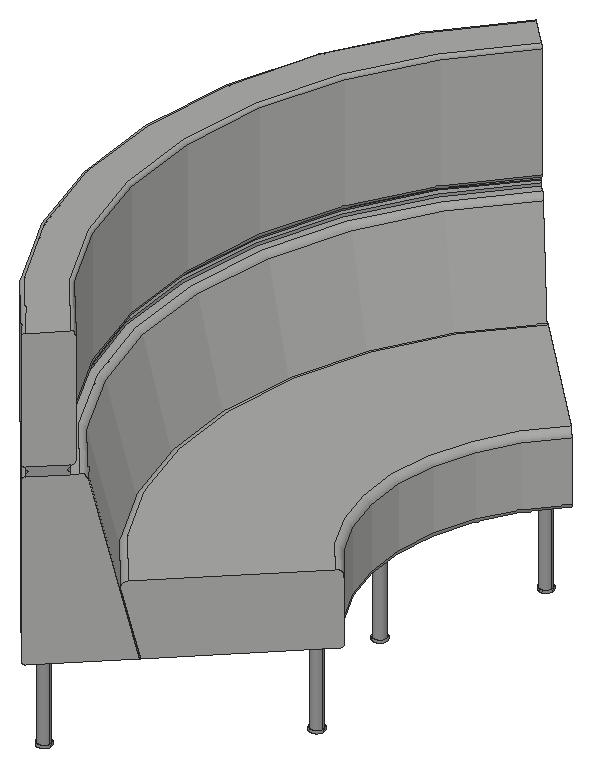
Revit family "Hive 90° Internal Bench, Legs, One Screen", category Furniture, Revit 2020
Family settings
  OmniClass Number = 23.40.20.00
  OmniClass Title = General Furniture and Specialties
  Work Plane-Based = No
  Always vertical = Yes
  Cut with Voids When Loaded = No
  Shared = No
  Room Calculation Point = No
Parameters
  UK Secondary Seat Count = 2
  UK Primary Seat Count = 2
  Seat Upholstery [instance] = Fabric, Unspecified
  Seat Top Upholstery [instance] = Fabric, Unspecified
  Screen One Upholstery [instance] = Fabric, Unspecified
  Screen One Top Upholstery [instance] = Fabric, Unspecified
  Screen 1 [instance] = yes
  Power Module Screen 1 Front [instance] = no
  Plug = Palmer Hamilton Black Plastic
  Plate = Palmer Hamilton Alum
  OffsetRight [instance] = if(Center Right Legs, 0' 0", 0' 2")  # 0' - 2"
  OffsetLeft [instance] = if(Center Left Legs, 0' 0", 0' 2")  # 0' - 2"
  No Legs [instance] = not(Legs)  # no
  Model = "SHL11B"
  Legs [instance] = yes
  Leg [instance] = Palmer Hamilton - Aluminum
  Joint [instance] = Palmer Hamilton - Aluminum
  HS Seat Count = 2
  ES Seat Count = 2
  Default Elevation = 0' - 0"
  Cost = 2
  Center Right Legs [instance] = no
  Center Left Legs [instance] = no
  Back Upholstery [instance] = Fabric, Unspecified
  Back Top Upholstery [instance] = Fabric, Unspecified
Reference planes (in)
  plane 1 "Center Front/Back": y = 0
  plane 2: z = 0
  plane 3 "Center Left/Right": x = 0
  plane 4 "LegLeftOffset": y = 0
  plane 5: z = 1.25
  plane 6: z = 9.1875
  plane 7: z = 17
  plane 8: z = 28
  plane 9: through (0, 0, 48) normal (-0.7071, -0.7071, 0)
  plane 10: through (0, 0, 48) normal (0.7071, -0.7071, 0)
  plane 11: through (0.70711, 3.53553, 48) normal (0.7071, -0.7071, 0)
  plane 12: through (2.12132, -4.94975, 48) normal (-0.7071, -0.7071, 0)
Forms (in)
  Extrusion 1, solid, material "Palmer Hamilton - Aluminum", visible <- "Legs"
    sketch origin (0, 0, 0) x (0.707107, 0.707107, 0) y (-0.707107, 0.707107, 0)
      loop
        circle (-34.38098, 34.38098) r 0.625
      loop
        circle (-17.39928, 17.39928) r 0.625
    from 0.25 to 12
  Extrusion 2, solid, material "pH Black Plastic", visible <- "Legs"
    sketch origin (0, 0, 0) x (0.707107, 0.707107, 0) y (-0.707107, 0.707107, 0)
      loop
        circle (-34.38098, 34.38098) r 0.75
      loop
        circle (-17.39928, 17.39928) r 0.75
    from 0 to 0.25
  Revolve 3, solid, material "Fabric, Unspecified" <- "Seat Upholstery", visible <- "Legs"
    sketch origin (0, 0, 0) x (0.707107, 0.707107, 0) y (0, 0, 1)
      loop
        line (-23.21653, 17) -> (-41.36543, 17)
        arc (-41.36543, 17) -> (-41.95776, 16.71005) -> (-42.0921, 16.0644) r 0.75
        line (-42.0921, 16.0644) -> (-40.33567, 9.1875) -> (-22.84153, 9.1875)
        arc (-22.84153, 9.1875) -> (-22.57637, 9.29733) -> (-22.46653, 9.5625) r 0.375
        line (-22.46653, 9.5625) -> (-22.46653, 16.25)
        arc (-22.46653, 16.25) -> (-22.6862, 16.78033) -> (-23.21653, 17) r 0.75
      axis (0, 17) -> (0, 9.1875)
    angle from 90 to 0
  Revolve 4, solid, material "Fabric, Unspecified" <- "Seat Upholstery", visible <- "No Legs"
    sketch origin (0, 0, 0) x (1, 0, 0) y (0, 0, 1)
      loop
        arc (-41.37139, 17) -> (-41.9624, 16.71175) -> (-42.09912, 16.06856) r 0.75
        line (-42.09912, 16.06856) -> (-38.40443, 1.25) -> (-26.1848, 1.25) -> (-22.49012, 16.06856)
        arc (-22.49012, 16.06856) -> (-22.62683, 16.71175) -> (-23.21784, 17) r 0.75
        line (-23.21784, 17) -> (-41.37139, 17)
      axis (0, 17) -> (0, 1.25)
    angle from 45 to -45
  Revolve 5, solid, material "Fabric, Unspecified" <- "Back Upholstery", visible <- "Legs"
    sketch origin (0, 0, 0) x (1, 0, 0) y (0, 0, 1)
      loop
        line (-45.65992, 28) -> (-50.4124, 28)
        arc (-50.4124, 28) -> (-50.67757, 27.89017) -> (-50.7874, 27.625) r 0.375
        line (-50.7874, 27.625) -> (-50.7874, 9.5625)
        arc (-50.7874, 9.5625) -> (-50.67757, 9.29733) -> (-50.4124, 9.1875) r 0.375
        line (-50.4124, 9.1875) -> (-40.38348, 9.1875) -> (-44.9322, 27.43144)
        arc (-44.9322, 27.43144) -> (-45.19818, 27.84101) -> (-45.65992, 28) r 0.75
      axis (0, 28) -> (0, 9.1875)
    angle from -45 to 45
  Revolve 6, solid, material "Fabric, Unspecified" <- "Back Upholstery", visible <- "No Legs"
    sketch origin (0, 0, 0) x (1, 0, 0) y (0, 0, 1)
      loop
        line (-45.65992, 28) -> (-50.4124, 28)
        arc (-50.4124, 28) -> (-50.67757, 27.89017) -> (-50.7874, 27.625) r 0.375
        line (-50.7874, 27.625) -> (-50.7874, 1.625)
        arc (-50.7874, 1.625) -> (-50.67757, 1.35983) -> (-50.4124, 1.25) r 0.375
        line (-50.4124, 1.25) -> (-38.40443, 1.25) -> (-44.9322, 27.43144)
        arc (-44.9322, 27.43144) -> (-45.19818, 27.84101) -> (-45.65992, 28) r 0.75
      axis (0, 28) -> (0, 1.25)
    angle from -45 to 45
  Revolve 7, solid, material "Palmer Hamilton - Aluminum" <- "Joint", visible <- "Screen 1"
    sketch origin (0, 0, 0) x (0.707107, 0.707107, 0) y (0, 0, 1)
      loop
        line (-50.4124, 29) -> (-50.4124, 28.75) -> (-50.1624, 28.5) -> (-50.4124, 28.25) -> (-50.4124, 28) -> (-46.58858, 28) -> (-46.58858, 28.25) -> (-46.83858, 28.5) -> (-46.58858, 28.75) -> (-46.58858, 29) -> (-50.4124, 29)
      axis (0, 29) -> (0, 28)
    angle from 90 to 0
  Revolve 8, solid, material "Fabric, Unspecified" <- "Screen One Upholstery", visible <- "Screen 1"
    sketch origin (0, 0, 0) x (0.707107, 0.707107, 0) y (0, 0, 1)
      loop
        line (-50.81299, 42) -> (-50.81299, 29.375)
        arc (-50.81299, 29.375) -> (-50.70315, 29.10983) -> (-50.43799, 29) r 0.375
        line (-50.43799, 29) -> (-46.46358, 29)
        arc (-46.46358, 29) -> (-46.19842, 29.10983) -> (-46.08858, 29.375) r 0.375
        line (-46.08858, 29.375) -> (-46.08858, 42)
        arc (-46.08858, 42) -> (-46.19842, 42.26517) -> (-46.46358, 42.375) r 0.375
        line (-46.46358, 42.375) -> (-50.43799, 42.375)
        arc (-50.43799, 42.375) -> (-50.70315, 42.26517) -> (-50.81299, 42) r 0.375
      axis (0, 42.375) -> (0, 29)
    angle from 90 to 0
  Extrusion 9, solid, material "pH Black Plastic", visible <- "No Legs"
    sketch origin (0, 0, 0) x (0.707107, 0.707107, 0) y (-0.707107, 0.707107, 0)
      loop
        circle (-34.38098, 34.38098) r 0.75
      loop
        circle (-20.45999, 20.45999) r 0.75
    from 0 to 1.25
  Extrusion 10, solid, material "Palmer Hamilton Alum" <- "Plate", not visible
    sketch origin (7.98653, 21.60823, 0) x (1, 0, 0) y (0, 1, 0)
      loop
        line (0.875, 3.25) -> (-0.875, 3.25)
        arc (-0.875, 3.25) -> (-1.14017, 3.14017) -> (-1.25, 2.875) r 0.375
        line (-1.25, 2.875) -> (-1.25, -2.875)
        arc (-1.25, -2.875) -> (-1.14017, -3.14017) -> (-0.875, -3.25) r 0.375
        line (-0.875, -3.25) -> (0.875, -3.25)
        arc (0.875, -3.25) -> (1.14017, -3.14017) -> (1.25, -2.875) r 0.375
        line (1.25, -2.875) -> (1.25, 2.875)
        arc (1.25, 2.875) -> (1.14017, 3.14017) -> (0.875, 3.25) r 0.375
    from 0 to 0.0598
  Blend 11, solid, material "Palmer Hamilton Black Plastic" <- "Plug", not visible
    base sketch origin (7.98653, 21.60823, 0) x (1, 0, 0) y (0, 1, 0)
      loop
        line (-0.535, 1.788) -> (-0.535, 0.718) -> (0.535, 0.718) -> (0.535, 1.788) -> (-0.535, 1.788)
    top sketch origin (7.98653, 21.60823, 0) x (1, 0, 0) y (0, 1, 0)
      loop
        line (-0.46894, 1.72894) -> (-0.46894, 0.78406) -> (0.47594, 0.78406) -> (0.47594, 1.72894) -> (-0.46894, 1.72894)
    from 0.0598 to 0.1378
  Blend 12, solid, material "Palmer Hamilton Black Plastic" <- "Plug", not visible
    base sketch origin (7.98653, 21.60823, 0) x (1, 0, 0) y (0, 1, 0)
      loop
        line (-0.535, -1.788) -> (0.535, -1.788) -> (0.535, -0.718) -> (-0.535, -0.718) -> (-0.535, -1.788)
    top sketch origin (7.98653, 21.60823, 0) x (1, 0, 0) y (0, 1, 0)
      loop
        line (-0.46894, -1.72894) -> (0.47594, -1.72894) -> (0.47594, -0.78406) -> (-0.46894, -0.78406) -> (-0.46894, -1.72894)
    from 0.0598 to 0.1378
  Extrusion 13, solid, material "Palmer Hamilton Black Plastic" <- "Plug", not visible
    sketch origin (7.98653, 21.60823, 0) x (1, 0, 0) y (0, 1, 0)
      loop
        line (-0.288, 0.2665) -> (-0.288, -0.2665) -> (0.288, -0.2665) -> (0.288, 0.2665) -> (-0.288, 0.2665)
      loop
        line (-0.18864, 0.20185) -> (-0.18864, -0.20575) -> (-0.06116, -0.20575) -> (-0.06116, 0.20185) -> (-0.18864, 0.20185)
      loop
        line (0.06115, 0.20185) -> (0.06115, -0.20575) -> (0.18863, -0.20575) -> (0.18863, 0.20185) -> (0.06115, 0.20185)
    from 0.0598 to 0.11052
  Extrusion 14, void, not visible
    sketch origin (7.98653, 21.60823, 0) x (1, 0, 0) y (0, 1, 0)
      loop
        arc (-0.1165, 1.49056) -> (0.0035, 1.37056) -> (0.1235, 1.49056) r 0.12
        line (0.1235, 1.49056) -> (0.1235, 1.61056) -> (-0.1165, 1.61056) -> (-0.1165, 1.49056)
      loop
        line (-0.30278, 1.19556) -> (-0.30278, 0.84957) -> (-0.18628, 0.84957) -> (-0.18628, 1.19556) -> (-0.30278, 1.19556)
      loop
        line (0.19722, 1.16331) -> (0.19722, 0.88182) -> (0.31372, 0.88182) -> (0.31372, 1.16331) -> (0.19722, 1.16331)
    from 0.0598 to 0.1378
  Extrusion 15, void, not visible
    sketch origin (7.98653, 21.60823, 0) x (1, 0, 0) y (0, 1, 0)
      loop
        line (-0.1165, -1.49056) -> (-0.1165, -1.61056) -> (0.1235, -1.61056) -> (0.1235, -1.49056)
        arc (0.1235, -1.49056) -> (0.0035, -1.37056) -> (-0.1165, -1.49056) r 0.12
      loop
        line (-0.30278, -1.19556) -> (-0.18628, -1.19556) -> (-0.18628, -0.84957) -> (-0.30278, -0.84957) -> (-0.30278, -1.19556)
      loop
        line (0.19722, -1.16331) -> (0.31372, -1.16331) -> (0.31372, -0.88182) -> (0.19722, -0.88182) -> (0.19722, -1.16331)
    from 0.0598 to 0.1378
  Extrusion 16, solid, material "Palmer Hamilton Alum" <- "Plate", visible <- "Power Module Screen 1 Front"
    sketch origin (-46.08772, -0.05906, 35.6875) x (0, 1, 0) y (0, 0, 1)
      loop
        line (0.875, 3.25) -> (-0.875, 3.25)
        arc (-0.875, 3.25) -> (-1.14017, 3.14017) -> (-1.25, 2.875) r 0.375
        line (-1.25, 2.875) -> (-1.25, -2.875)
        arc (-1.25, -2.875) -> (-1.14017, -3.14017) -> (-0.875, -3.25) r 0.375
        line (-0.875, -3.25) -> (0.875, -3.25)
        arc (0.875, -3.25) -> (1.14017, -3.14017) -> (1.25, -2.875) r 0.375
        line (1.25, -2.875) -> (1.25, 2.875)
        arc (1.25, 2.875) -> (1.14017, 3.14017) -> (0.875, 3.25) r 0.375
    from 0 to 0.0598
  Blend 17, solid, material "Palmer Hamilton Black Plastic" <- "Plug", visible <- "Power Module Screen 1 Front"
    base sketch origin (-46.08772, -0.05906, 35.6875) x (0, 1, 0) y (0, 0, 1)
      loop
        line (-0.535, 1.788) -> (-0.535, 0.718) -> (0.535, 0.718) -> (0.535, 1.788) -> (-0.535, 1.788)
    top sketch origin (-46.08772, -0.05906, 35.6875) x (0, 1, 0) y (0, 0, 1)
      loop
        line (-0.46894, 1.72894) -> (-0.46894, 0.78406) -> (0.47594, 0.78406) -> (0.47594, 1.72894) -> (-0.46894, 1.72894)
    from 0.0598 to 0.1378
  Blend 18, solid, material "Palmer Hamilton Black Plastic" <- "Plug", visible <- "Power Module Screen 1 Front"
    base sketch origin (-46.08772, -0.05906, 35.6875) x (0, 1, 0) y (0, 0, 1)
      loop
        line (-0.535, -1.788) -> (0.535, -1.788) -> (0.535, -0.718) -> (-0.535, -0.718) -> (-0.535, -1.788)
    top sketch origin (-46.08772, -0.05906, 35.6875) x (0, 1, 0) y (0, 0, 1)
      loop
        line (-0.46894, -1.72894) -> (0.47594, -1.72894) -> (0.47594, -0.78406) -> (-0.46894, -0.78406) -> (-0.46894, -1.72894)
    from 0.0598 to 0.1378
  Extrusion 19, solid, material "Palmer Hamilton Black Plastic" <- "Plug", visible <- "Power Module Screen 1 Front"
    sketch origin (-46.08772, -0.05906, 35.6875) x (0, 1, 0) y (0, 0, 1)
      loop
        line (-0.288, 0.2665) -> (-0.288, -0.2665) -> (0.288, -0.2665) -> (0.288, 0.2665) -> (-0.288, 0.2665)
      loop
        line (-0.18864, 0.20185) -> (-0.18864, -0.20575) -> (-0.06116, -0.20575) -> (-0.06116, 0.20185) -> (-0.18864, 0.20185)
      loop
        line (0.06115, 0.20185) -> (0.06115, -0.20575) -> (0.18863, -0.20575) -> (0.18863, 0.20185) -> (0.06115, 0.20185)
    from 0.0598 to 0.11052
  Extrusion 20, solid, material "Palmer Hamilton - Aluminum", visible <- "Legs"
    sketch origin (-1.41421, -1.41421, 0) x (1, 0, 0) y (0, 1, 0)
      loop
        circle (-17.4303, 17.4303) r 0.625
      loop
        circle (-34.38098, 34.38098) r 0.625
    from 0.25 to 12
  Extrusion 21, solid, material "pH Black Plastic", visible <- "Legs"
    sketch origin (-1.41421, -1.41421, 0) x (1, 0, 0) y (0, 1, 0)
      loop
        circle (-17.4303, 17.4303) r 0.75
      loop
        circle (-34.38098, 34.38098) r 0.75
    from 0 to 0.25
  Extrusion 22, solid, material "pH Black Plastic", visible <- "No Legs"
    sketch origin (-1.41421, -1.41421, 0) x (1, 0, 0) y (0, 1, 0)
      loop
        circle (-34.38098, 34.38098) r 0.625
      loop
        circle (-20.47695, 20.47695) r 0.625
    from 0 to 1.25
  Extrusion 23, solid, material "Palmer Hamilton - Aluminum", visible <- "Legs"
    sketch origin (-1.41421, 1.41421, 0) x (1, 0, 0) y (0, 1, 0)
      loop
        circle (-34.38098, -34.38098) r 0.625
      loop
        circle (-17.4303, -17.4303) r 0.625
    from 0.25 to 12
  Extrusion 24, solid, material "pH Black Plastic", visible <- "Legs"
    sketch origin (-1.41421, 1.41421, 0) x (1, 0, 0) y (0, 1, 0)
      loop
        circle (-34.38098, -34.38098) r 0.75
      loop
        circle (-17.4303, -17.4303) r 0.75
    from 0 to 0.25
  Extrusion 25, solid, material "pH Black Plastic", visible <- "No Legs"
    sketch origin (-1.41421, 1.41421, 0) x (1, 0, 0) y (0, 1, 0)
      loop
        circle (-20.47695, -20.47695) r 0.625
      loop
        circle (-34.38098, -34.38098) r 0.625
    from 0 to 1.25
Dimensions and locks (in)
  plane 4 "LegLeftOffset" to plane 1 "Center Front/Back" = 0' - 0"
  Extrusion 1 sketch curve to Extrusion 1 sketch curve to plane 3 "Center Left/Right" = 2' - 0.01575" locked, 2' - 0.6063" locked
  Extrusion 9 sketch curve to Extrusion 9 sketch curve to plane 3 "Center Left/Right" = 1' - 7.68725" locked, 2' - 4.9348" locked
  Extrusion 2 sketch curve to Extrusion 2 sketch curve to plane 3 "Center Left/Right" = 2' - 0.01575" locked, 2' - 0.6063" locked
  Extrusion 23 sketch curve to Extrusion 23 sketch curve to plane 9 = 1' - 11.97189" locked, 2' - 0.65016" locked
  Extrusion 24 sketch curve to Extrusion 24 sketch curve to plane 9 = 1' - 11.97189" locked, 2' - 0.65016" locked
  "OffsetRight": plane 12 to plane 9
  Extrusion 25 sketch curve to Extrusion 25 sketch curve to plane 9 = 1' - 7.66327" locked, 2' - 4.95878" locked
  Extrusion 22 sketch curve to Extrusion 22 sketch curve to plane 10 = 1' - 7.66327" locked, 2' - 4.95878" locked
  "OffsetLeft": plane 11 to plane 10
  Extrusion 21 sketch curve to Extrusion 21 sketch curve to plane 10 = 1' - 11.97189" locked, 2' - 0.65016" locked
  Extrusion 20 sketch curve to Extrusion 20 sketch curve to plane 10 = 1' - 11.97189" locked, 2' - 0.65016" locked
  aligned and locked: level to plane 2
Automatic sketch dimensions
  plane 1 "Center Front/Back" to Extrusion 1 sketch curve = 0' - 0"  (x2)
  plane 1 "Center Front/Back" to Extrusion 2 sketch curve = 0' - 0"  (x2)
  Revolve 3 sketch curve to plane 7 = 0' - 0"
  Revolve 3 sketch curve to plane 6 = 0' - 0"
  Revolve 3 sketch curve to plane 9 = 0' - 0"
  Revolve 3 sketch curve to plane 7 = 0' - 0 3/4"
  plane 9 to Revolve 3 sketch curve = 1' - 10.46653"
  Revolve 3 sketch curve to Revolve 3 sketch curve = 0' - 0 3/8"
  Revolve 3 sketch curve to Revolve 3 sketch curve = 1' - 5.49414"
  Revolve 3 sketch curve to Revolve 3 sketch curve = 0' - 1.02976"
  Revolve 3 sketch curve to plane 7 = 0' - 0.9356"
  Revolve 3 sketch curve to Revolve 3 sketch curve = 0' - 0.72667"
  Revolve 3 sketch curve to level = 2' - 0"
  plane 8 to Revolve 3 sketch curve = 5' - 7.33184"
  Revolve 5 sketch curve to plane 8 = 0' - 0"
  Revolve 5 sketch curve to plane 6 = 0' - 0"
  Revolve 5 sketch curve to plane 3 "Center Left/Right" = 0' - 0"
  Revolve 5 sketch curve to plane 3 "Center Left/Right" = 3' - 4.38348"
  Revolve 5 sketch curve to plane 8 = 0' - 0.56856"
  Revolve 5 sketch curve to Revolve 5 sketch curve = 0' - 4.54873"
  Revolve 5 sketch curve to Revolve 5 sketch curve = 0' - 0.72772"
  Revolve 5 sketch curve to Revolve 5 sketch curve = 0' - 10.02893"
  Revolve 5 sketch curve to plane 8 = 0' - 0 3/8"
  Revolve 5 sketch curve to Revolve 5 sketch curve = 0' - 4.75248"
  Revolve 5 sketch curve to level = 2' - 0"
  plane 8 to Revolve 5 sketch curve = 5' - 7.33184"
  Revolve 6 sketch curve to plane 8 = 0' - 0"
  Revolve 6 sketch curve to plane 5 = 0' - 0"
  Revolve 6 sketch curve to plane 3 "Center Left/Right" = 0' - 0"
  Revolve 6 sketch curve to plane 3 "Center Left/Right" = 3' - 2.40443"
  Revolve 6 sketch curve to plane 8 = 0' - 0.56856"
  Revolve 6 sketch curve to Revolve 6 sketch curve = 0' - 6.52777"
  Revolve 6 sketch curve to Revolve 6 sketch curve = 0' - 0.72772"
  Revolve 6 sketch curve to Revolve 6 sketch curve = 1' - 0.00797"
  Revolve 6 sketch curve to plane 8 = 0' - 0 3/8"
  Revolve 6 sketch curve to Revolve 6 sketch curve = 0' - 4.75248"
  Revolve 6 sketch curve to level = 2' - 0"
  plane 8 to Revolve 6 sketch curve = 5' - 7.33184"
  Revolve 7 sketch curve to plane 8 = 0' - 0"
  Revolve 7 sketch curve to plane 9 = 0' - 0"
  plane 8 to Revolve 7 sketch curve = 0' - 1"
  plane 9 to Revolve 7 sketch curve = 3' - 10.58858"
  Revolve 7 sketch curve to Revolve 7 sketch curve = 0' - 0"
  plane 8 to Revolve 7 sketch curve = 0' - 0 1/2"  (x2)
  Revolve 7 sketch curve to Revolve 7 sketch curve = 0' - 0 1/4"  (x5)
  Revolve 7 sketch curve to Revolve 7 sketch curve = 0' - 3.32382"
  Revolve 7 sketch curve to level = 2' - 0"
  plane 8 to Revolve 7 sketch curve = 5' - 7.33184"
  Revolve 8 sketch curve to plane 9 = 0' - 0"
  plane 8 to Revolve 8 sketch curve = 0' - 1 3/8"  (x2)
  plane 9 to Revolve 8 sketch curve = 3' - 10.08858"
  Revolve 8 sketch curve to Revolve 8 sketch curve = 0' - 0 3/8"  (x3)
  Revolve 8 sketch curve to Revolve 8 sketch curve = 0' - 3.97441"
  Revolve 8 sketch curve to Revolve 8 sketch curve = 1' - 0 5/8"
  Revolve 8 sketch curve to level = 2' - 0"
  plane 8 to Revolve 8 sketch curve = 5' - 7.33184"
  plane 1 "Center Front/Back" to Extrusion 9 sketch curve = 0' - 0"  (x2)
  plane 1 "Center Front/Back" to Extrusion 16 sketch curve = 0' - 1.30906"
  Extrusion 16 sketch curve to Extrusion 16 sketch curve = 0' - 0 3/8"  (x3)
  Extrusion 16 sketch curve to plane 1 "Center Front/Back" = 0' - 0.81594"  (x2)
  plane 8 to Extrusion 16 sketch curve = 0' - 4 7/16"
  Extrusion 16 sketch curve to Extrusion 16 sketch curve = 0' - 5 3/4"
  plane 1 "Center Front/Back" to Blend 17 sketch curve = 0' - 0.59406"
  Blend 17 sketch curve to plane 1 "Center Front/Back" = 0' - 0.47594"
  plane 8 to Blend 17 sketch curve = 0' - 8.4055"
  Blend 17 sketch curve to Blend 17 sketch curve = 0' - 1.07"
  plane 1 "Center Front/Back" to Blend 17 sketch curve = 0' - 0.528"
  Blend 17 sketch curve to plane 1 "Center Front/Back" = 0' - 0.41688"
  plane 8 to Blend 17 sketch curve = 0' - 8.47156"
  Blend 17 sketch curve to Blend 17 sketch curve = 0' - 0.94488"
  plane 1 "Center Front/Back" to Blend 18 sketch curve = 0' - 0.59406"
  Blend 18 sketch curve to plane 1 "Center Front/Back" = 0' - 0.47594"
  plane 8 to Blend 18 sketch curve = 0' - 5.8995"
  Blend 18 sketch curve to Blend 18 sketch curve = 0' - 1.07"
  plane 1 "Center Front/Back" to Blend 18 sketch curve = 0' - 0.528"
  Blend 18 sketch curve to plane 1 "Center Front/Back" = 0' - 0.41688"
  plane 8 to Blend 18 sketch curve = 0' - 5.95856"
  Blend 18 sketch curve to Blend 18 sketch curve = 0' - 0.94488"
  plane 1 "Center Front/Back" to Extrusion 19 sketch curve = 0' - 0.34706"
  Extrusion 19 sketch curve to Extrusion 19 sketch curve = 0' - 0.09936"
  plane 1 "Center Front/Back" to Extrusion 19 sketch curve = 0' - 0.12022"
  Extrusion 19 sketch curve to plane 1 "Center Front/Back" = 0' - 0.00209"
  Extrusion 19 sketch curve to Extrusion 19 sketch curve = 0' - 0.12748"
  Extrusion 19 sketch curve to Extrusion 19 sketch curve = 0' - 0.09937"
  plane 8 to Extrusion 19 sketch curve = 0' - 7.421"
  Extrusion 19 sketch curve to Extrusion 19 sketch curve = 0' - 0.06075"
  Extrusion 19 sketch curve to Extrusion 19 sketch curve = 0' - 0"  (x2)
  Extrusion 19 sketch curve to Extrusion 19 sketch curve = 0' - 0.4076"
  Extrusion 19 sketch curve to Extrusion 19 sketch curve = 0' - 0.06465"
  plane 11 to Extrusion 23 sketch curve = 0' - 0"  (x2)
  plane 11 to Extrusion 24 sketch curve = 0' - 0"  (x2)
  plane 11 to Extrusion 25 sketch curve = 0' - 0"  (x2)
  plane 12 to Extrusion 22 sketch curve = 0' - 0"  (x2)
  plane 12 to Extrusion 21 sketch curve = 0' - 0"  (x2)
  plane 12 to Extrusion 20 sketch curve = 0' - 0"  (x2)
  Revolve 4 sketch curve to plane 7 = 0' - 0"
  Revolve 4 sketch curve to plane 5 = 0' - 0"
  Revolve 4 sketch curve to plane 3 "Center Left/Right" = 0' - 0"
  Revolve 4 sketch curve to plane 7 = 0' - 0.93144"  (x2)
  Revolve 4 sketch curve to plane 3 "Center Left/Right" = 1' - 10.49012"
  Revolve 4 sketch curve to Revolve 4 sketch curve = 0' - 0.72772"  (x2)
  Revolve 4 sketch curve to Revolve 4 sketch curve = 0' - 3.69468"
  Revolve 4 sketch curve to Revolve 4 sketch curve = 1' - 0.21963"
  Revolve 4 sketch curve to Revolve 4 sketch curve = 0' - 2.96696"
  Revolve 4 sketch curve to level = 2' - 0"
  plane 8 to Revolve 4 sketch curve = 5' - 7.33184"
  radius of Extrusion 1 sketch curve = 0' - 0 5/8"  (x2)
  radius of Extrusion 2 sketch curve = 0' - 0 3/4"  (x2)
  radius of Extrusion 9 sketch curve = 0' - 0 3/4"  (x2)
  radius of Extrusion 23 sketch curve = 0' - 0 5/8"  (x2)
  radius of Extrusion 24 sketch curve = 0' - 0 3/4"  (x2)
  radius of Extrusion 25 sketch curve = 0' - 0 5/8"  (x2)
  radius of Extrusion 22 sketch curve = 0' - 0 5/8"  (x2)
  radius of Extrusion 21 sketch curve = 0' - 0 3/4"  (x2)
  radius of Extrusion 20 sketch curve = 0' - 0 5/8"  (x2)
